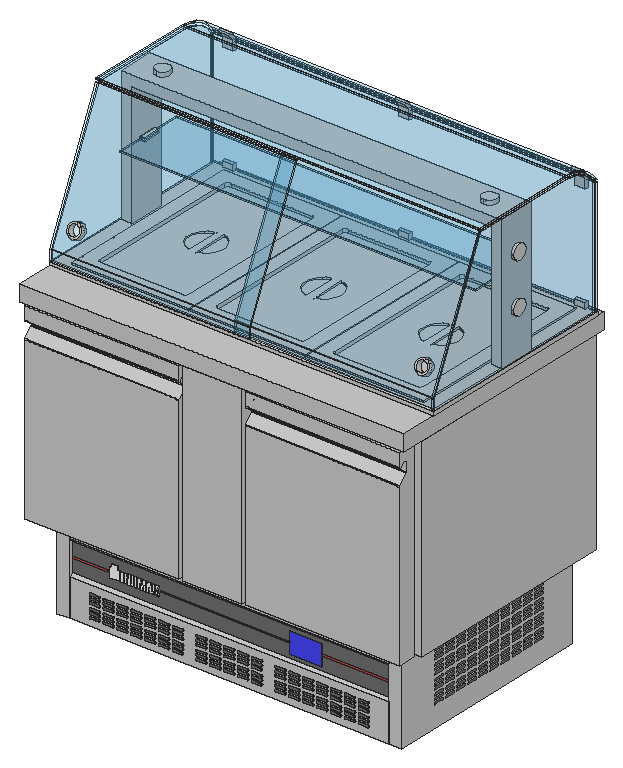
Revit family "QF_INOMAK_BSVP7300_250611022457", category Specialty Equipment, Revit 2021 (continued)
Definition of nested family "QF_INOMAK_REF_BASE_MOTOR_2920"
  Forms (mm)
    Extrusion 19, solid
      sketch origin (39, 1580.136, -390.167) x (0, 1, 0) y (0, 0, 1)
        loop
          line (-1829.436, 581.535) -> (-1805.436, 581.535)
          arc (-1805.436, 581.535) -> (-1802.436, 584.535) -> (-1805.436, 587.535) r 3
          line (-1805.436, 587.535) -> (-1829.436, 587.535)
        loop
          arc (-1790.436, 587.535) -> (-1793.436, 584.535) -> (-1790.436, 581.535) r 3
          line (-1790.436, 581.535) -> (-1766.436, 581.535)
          arc (-1766.436, 581.535) -> (-1763.436, 584.535) -> (-1766.436, 587.535) r 3
          line (-1766.436, 587.535) -> (-1790.436, 587.535)
        loop
          arc (-1751.436, 587.535) -> (-1754.436, 584.535) -> (-1751.436, 581.535) r 3
          line (-1751.436, 581.535) -> (-1727.436, 581.535)
          arc (-1727.436, 581.535) -> (-1724.436, 584.535) -> (-1727.436, 587.535) r 3
          line (-1727.436, 587.535) -> (-1751.436, 587.535)
        loop
          arc (-1985.436, 572.535) -> (-1988.436, 569.535) -> (-1985.436, 566.535) r 3
          line (-1985.436, 566.535) -> (-1961.436, 566.535)
          arc (-1961.436, 566.535) -> (-1958.436, 569.535) -> (-1961.436, 572.535) r 3
          line (-1961.436, 572.535) -> (-1985.436, 572.535)
        loop
          arc (-1946.436, 572.535) -> (-1949.436, 569.535) -> (-1946.436, 566.535) r 3
          line (-1946.436, 566.535) -> (-1922.436, 566.535)
          arc (-1922.436, 566.535) -> (-1919.436, 569.535) -> (-1922.436, 572.535) r 3
          line (-1922.436, 572.535) -> (-1946.436, 572.535)
        loop
          arc (-1907.436, 572.535) -> (-1910.436, 569.535) -> (-1907.436, 566.535) r 3
          line (-1907.436, 566.535) -> (-1883.436, 566.535)
          arc (-1883.436, 566.535) -> (-1880.436, 569.535) -> (-1883.436, 572.535) r 3
          line (-1883.436, 572.535) -> (-1907.436, 572.535)
        loop
          arc (-1868.436, 572.535) -> (-1871.436, 569.535) -> (-1868.436, 566.535) r 3
          line (-1868.436, 566.535) -> (-1844.436, 566.535)
          arc (-1844.436, 566.535) -> (-1841.436, 569.535) -> (-1844.436, 572.535) r 3
          line (-1844.436, 572.535) -> (-1868.436, 572.535)
        loop
          arc (-1829.436, 572.535) -> (-1832.436, 569.535) -> (-1829.436, 566.535) r 3
          line (-1829.436, 566.535) -> (-1805.436, 566.535)
          arc (-1805.436, 566.535) -> (-1802.436, 569.535) -> (-1805.436, 572.535) r 3
          line (-1805.436, 572.535) -> (-1829.436, 572.535)
        loop
          arc (-1790.436, 572.535) -> (-1793.436, 569.535) -> (-1790.436, 566.535) r 3
          line (-1790.436, 566.535) -> (-1766.436, 566.535)
          arc (-1766.436, 566.535) -> (-1763.436, 569.535) -> (-1766.436, 572.535) r 3
          line (-1766.436, 572.535) -> (-1790.436, 572.535)
        loop
          arc (-1751.436, 572.535) -> (-1754.436, 569.535) -> (-1751.436, 566.535) r 3
          line (-1751.436, 566.535) -> (-1727.436, 566.535)
          arc (-1727.436, 566.535) -> (-1724.436, 569.535) -> (-1727.436, 572.535) r 3
          line (-1727.436, 572.535) -> (-1751.436, 572.535)
        loop
          arc (-1985.436, 561.535) -> (-1988.436, 558.535) -> (-1985.436, 555.535) r 3
          line (-1985.436, 555.535) -> (-1961.436, 555.535)
          arc (-1961.436, 555.535) -> (-1958.436, 558.535) -> (-1961.436, 561.535) r 3
          line (-1961.436, 561.535) -> (-1985.436, 561.535)
        loop
          arc (-1946.436, 561.535) -> (-1949.436, 558.535) -> (-1946.436, 555.535) r 3
          line (-1946.436, 555.535) -> (-1922.436, 555.535)
          arc (-1922.436, 555.535) -> (-1919.436, 558.535) -> (-1922.436, 561.535) r 3
          line (-1922.436, 561.535) -> (-1946.436, 561.535)
        loop
          arc (-1907.436, 561.535) -> (-1910.436, 558.535) -> (-1907.436, 555.535) r 3
          line (-1907.436, 555.535) -> (-1883.436, 555.535)
          arc (-1883.436, 555.535) -> (-1880.436, 558.535) -> (-1883.436, 561.535) r 3
          line (-1883.436, 561.535) -> (-1907.436, 561.535)
        loop
          arc (-1868.436, 561.535) -> (-1871.436, 558.535) -> (-1868.436, 555.535) r 3
          line (-1868.436, 555.535) -> (-1844.436, 555.535)
          arc (-1844.436, 555.535) -> (-1841.436, 558.535) -> (-1844.436, 561.535) r 3
          line (-1844.436, 561.535) -> (-1868.436, 561.535)
        loop
          arc (-1829.436, 561.535) -> (-1832.436, 558.535) -> (-1829.436, 555.535) r 3
          line (-1829.436, 555.535) -> (-1805.436, 555.535)
          arc (-1805.436, 555.535) -> (-1802.436, 558.535) -> (-1805.436, 561.535) r 3
          line (-1805.436, 561.535) -> (-1829.436, 561.535)
        loop
          arc (-1790.436, 561.535) -> (-1793.436, 558.535) -> (-1790.436, 555.535) r 3
          line (-1790.436, 555.535) -> (-1766.436, 555.535)
          arc (-1766.436, 555.535) -> (-1763.436, 558.535) -> (-1766.436, 561.535) r 3
          line (-1766.436, 561.535) -> (-1790.436, 561.535)
        loop
          arc (-1751.436, 561.535) -> (-1754.436, 558.535) -> (-1751.436, 555.535) r 3
          line (-1751.436, 555.535) -> (-1727.436, 555.535)
          arc (-1727.436, 555.535) -> (-1724.436, 558.535) -> (-1727.436, 561.535) r 3
          line (-1727.436, 561.535) -> (-1751.436, 561.535)
        loop
          arc (-1985.436, 550.535) -> (-1988.436, 547.535) -> (-1985.436, 544.535) r 3
          line (-1985.436, 544.535) -> (-1961.436, 544.535)
          arc (-1961.436, 544.535) -> (-1958.436, 547.535) -> (-1961.436, 550.535) r 3
          line (-1961.436, 550.535) -> (-1985.436, 550.535)
        loop
          arc (-1946.436, 550.535) -> (-1949.436, 547.535) -> (-1946.436, 544.535) r 3
          line (-1946.436, 544.535) -> (-1922.436, 544.535)
          arc (-1922.436, 544.535) -> (-1919.436, 547.535) -> (-1922.436, 550.535) r 3
          line (-1922.436, 550.535) -> (-1946.436, 550.535)
        loop
          arc (-1907.436, 550.535) -> (-1910.436, 547.535) -> (-1907.436, 544.535) r 3
          line (-1907.436, 544.535) -> (-1883.436, 544.535)
          arc (-1883.436, 544.535) -> (-1880.436, 547.535) -> (-1883.436, 550.535) r 3
          line (-1883.436, 550.535) -> (-1907.436, 550.535)
        loop
          arc (-1868.436, 550.535) -> (-1871.436, 547.535) -> (-1868.436, 544.535) r 3
          line (-1868.436, 544.535) -> (-1844.436, 544.535)
          arc (-1844.436, 544.535) -> (-1841.436, 547.535) -> (-1844.436, 550.535) r 3
          line (-1844.436, 550.535) -> (-1868.436, 550.535)
        loop
          arc (-1829.436, 550.535) -> (-1832.436, 547.535) -> (-1829.436, 544.535) r 3
          line (-1829.436, 544.535) -> (-1805.436, 544.535)
          arc (-1805.436, 544.535) -> (-1802.436, 547.535) -> (-1805.436, 550.535) r 3
          line (-1805.436, 550.535) -> (-1829.436, 550.535)
        loop
          arc (-1790.436, 550.535) -> (-1793.436, 547.535) -> (-1790.436, 544.535) r 3
          line (-1790.436, 544.535) -> (-1766.436, 544.535)
          arc (-1766.436, 544.535) -> (-1763.436, 547.535) -> (-1766.436, 550.535) r 3
          line (-1766.436, 550.535) -> (-1790.436, 550.535)
        loop
          arc (-1751.436, 550.535) -> (-1754.436, 547.535) -> (-1751.436, 544.535) r 3
          line (-1751.436, 544.535) -> (-1727.436, 544.535)
          arc (-1727.436, 544.535) -> (-1724.436, 547.535) -> (-1727.436, 550.535) r 3
          line (-1727.436, 550.535) -> (-1751.436, 550.535)
        loop
          arc (-2102.436, 609.535) -> (-2105.436, 606.535) -> (-2102.436, 603.535) r 3
          line (-2102.436, 603.535) -> (-2078.436, 603.535)
          arc (-2078.436, 603.535) -> (-2075.436, 606.535) -> (-2078.436, 609.535) r 3
          line (-2078.436, 609.535) -> (-2102.436, 609.535)
        loop
          arc (-2063.436, 609.535) -> (-2066.436, 606.535) -> (-2063.436, 603.535) r 3
          line (-2063.436, 603.535) -> (-2039.436, 603.535)
          arc (-2039.436, 603.535) -> (-2036.436, 606.535) -> (-2039.436, 609.535) r 3
          line (-2039.436, 609.535) -> (-2063.436, 609.535)
        loop
          arc (-2024.436, 609.535) -> (-2027.436, 606.535) -> (-2024.436, 603.535) r 3
          line (-2024.436, 603.535) -> (-2000.436, 603.535)
          arc (-2000.436, 603.535) -> (-1997.436, 606.535) -> (-2000.436, 609.535) r 3
          line (-2000.436, 609.535) -> (-2024.436, 609.535)
        loop
          arc (-2102.436, 598.535) -> (-2105.436, 595.535) -> (-2102.436, 592.535) r 3
          line (-2102.436, 592.535) -> (-2078.436, 592.535)
          arc (-2078.436, 592.535) -> (-2075.436, 595.535) -> (-2078.436, 598.535) r 3
          line (-2078.436, 598.535) -> (-2102.436, 598.535)
        loop
          arc (-2063.436, 598.535) -> (-2066.436, 595.535) -> (-2063.436, 592.535) r 3
          line (-2063.436, 592.535) -> (-2039.436, 592.535)
          arc (-2039.436, 592.535) -> (-2036.436, 595.535) -> (-2039.436, 598.535) r 3
          line (-2039.436, 598.535) -> (-2063.436, 598.535)
        loop
          arc (-2024.436, 598.535) -> (-2027.436, 595.535) -> (-2024.436, 592.535) r 3
          line (-2024.436, 592.535) -> (-2000.436, 592.535)
          arc (-2000.436, 592.535) -> (-1997.436, 595.535) -> (-2000.436, 598.535) r 3
          line (-2000.436, 598.535) -> (-2024.436, 598.535)
        loop
          arc (-2102.436, 587.535) -> (-2105.436, 584.535) -> (-2102.436, 581.535) r 3
          line (-2102.436, 581.535) -> (-2078.436, 581.535)
          arc (-2078.436, 581.535) -> (-2075.436, 584.535) -> (-2078.436, 587.535) r 3
          line (-2078.436, 587.535) -> (-2102.436, 587.535)
        loop
          arc (-2063.436, 587.535) -> (-2066.436, 584.535) -> (-2063.436, 581.535) r 3
          line (-2063.436, 581.535) -> (-2039.436, 581.535)
          arc (-2039.436, 581.535) -> (-2036.436, 584.535) -> (-2039.436, 587.535) r 3
          line (-2039.436, 587.535) -> (-2063.436, 587.535)
        loop
          arc (-2024.436, 587.535) -> (-2027.436, 584.535) -> (-2024.436, 581.535) r 3
          line (-2024.436, 581.535) -> (-2000.436, 581.535)
          arc (-2000.436, 581.535) -> (-1997.436, 584.535) -> (-2000.436, 587.535) r 3
          line (-2000.436, 587.535) -> (-2024.436, 587.535)
        loop
          arc (-2102.436, 572.535) -> (-2105.436, 569.535) -> (-2102.436, 566.535) r 3
          line (-2102.436, 566.535) -> (-2078.436, 566.535)
          arc (-2078.436, 566.535) -> (-2075.436, 569.535) -> (-2078.436, 572.535) r 3
          line (-2078.436, 572.535) -> (-2102.436, 572.535)
        loop
          arc (-2063.436, 572.535) -> (-2066.436, 569.535) -> (-2063.436, 566.535) r 3
          line (-2063.436, 566.535) -> (-2039.436, 566.535)
          arc (-2039.436, 566.535) -> (-2036.436, 569.535) -> (-2039.436, 572.535) r 3
          line (-2039.436, 572.535) -> (-2063.436, 572.535)
        loop
          arc (-2024.436, 572.535) -> (-2027.436, 569.535) -> (-2024.436, 566.535) r 3
          line (-2024.436, 566.535) -> (-2000.436, 566.535)
          arc (-2000.436, 566.535) -> (-1997.436, 569.535) -> (-2000.436, 572.535) r 3
          line (-2000.436, 572.535) -> (-2024.436, 572.535)
        loop
          arc (-2102.436, 561.535) -> (-2105.436, 558.535) -> (-2102.436, 555.535) r 3
          line (-2102.436, 555.535) -> (-2078.436, 555.535)
          arc (-2078.436, 555.535) -> (-2075.436, 558.535) -> (-2078.436, 561.535) r 3
          line (-2078.436, 561.535) -> (-2102.436, 561.535)
        loop
          arc (-2063.436, 561.535) -> (-2066.436, 558.535) -> (-2063.436, 555.535) r 3
          line (-2063.436, 555.535) -> (-2039.436, 555.535)
          arc (-2039.436, 555.535) -> (-2036.436, 558.535) -> (-2039.436, 561.535) r 3
          line (-2039.436, 561.535) -> (-2063.436, 561.535)
        loop
          arc (-2024.436, 561.535) -> (-2027.436, 558.535) -> (-2024.436, 555.535) r 3
          line (-2024.436, 555.535) -> (-2000.436, 555.535)
          arc (-2000.436, 555.535) -> (-1997.436, 558.535) -> (-2000.436, 561.535) r 3
          line (-2000.436, 561.535) -> (-2024.436, 561.535)
        loop
          arc (-2102.436, 550.535) -> (-2105.436, 547.535) -> (-2102.436, 544.535) r 3
          line (-2102.436, 544.535) -> (-2078.436, 544.535)
          arc (-2078.436, 544.535) -> (-2075.436, 547.535) -> (-2078.436, 550.535) r 3
          line (-2078.436, 550.535) -> (-2102.436, 550.535)
        loop
          arc (-2063.436, 550.535) -> (-2066.436, 547.535) -> (-2063.436, 544.535) r 3
          line (-2063.436, 544.535) -> (-2039.436, 544.535)
          arc (-2039.436, 544.535) -> (-2036.436, 547.535) -> (-2039.436, 550.535) r 3
          line (-2039.436, 550.535) -> (-2063.436, 550.535)
        loop
          arc (-2024.436, 550.535) -> (-2027.436, 547.535) -> (-2024.436, 544.535) r 3
          line (-2024.436, 544.535) -> (-2000.436, 544.535)
          arc (-2000.436, 544.535) -> (-1997.436, 547.535) -> (-2000.436, 550.535) r 3
          line (-2000.436, 550.535) -> (-2024.436, 550.535)
        loop
          arc (-1985.436, 534.535) -> (-1988.436, 531.535) -> (-1985.436, 528.535) r 3
          line (-1985.436, 528.535) -> (-1961.436, 528.535)
          arc (-1961.436, 528.535) -> (-1958.436, 531.535) -> (-1961.436, 534.535) r 3
          line (-1961.436, 534.535) -> (-1985.436, 534.535)
        loop
          arc (-1946.436, 534.535) -> (-1949.436, 531.535) -> (-1946.436, 528.535) r 3
          line (-1946.436, 528.535) -> (-1922.436, 528.535)
          arc (-1922.436, 528.535) -> (-1919.436, 531.535) -> (-1922.436, 534.535) r 3
          line (-1922.436, 534.535) -> (-1946.436, 534.535)
        loop
          arc (-1907.436, 534.535) -> (-1910.436, 531.535) -> (-1907.436, 528.535) r 3
          line (-1907.436, 528.535) -> (-1883.436, 528.535)
          arc (-1883.436, 528.535) -> (-1880.436, 531.535) -> (-1883.436, 534.535) r 3
          line (-1883.436, 534.535) -> (-1907.436, 534.535)
        loop
          arc (-1868.436, 534.535) -> (-1871.436, 531.535) -> (-1868.436, 528.535) r 3
          line (-1868.436, 528.535) -> (-1844.436, 528.535)
          arc (-1844.436, 528.535) -> (-1841.436, 531.535) -> (-1844.436, 534.535) r 3
          line (-1844.436, 534.535) -> (-1868.436, 534.535)
        loop
          arc (-1829.436, 534.535) -> (-1832.436, 531.535) -> (-1829.436, 528.535) r 3
          line (-1829.436, 528.535) -> (-1805.436, 528.535)
          arc (-1805.436, 528.535) -> (-1802.436, 531.535) -> (-1805.436, 534.535) r 3
          line (-1805.436, 534.535) -> (-1829.436, 534.535)
        loop
          arc (-1790.436, 534.535) -> (-1793.436, 531.535) -> (-1790.436, 528.535) r 3
          line (-1790.436, 528.535) -> (-1766.436, 528.535)
          arc (-1766.436, 528.535) -> (-1763.436, 531.535) -> (-1766.436, 534.535) r 3
          line (-1766.436, 534.535) -> (-1790.436, 534.535)
        loop
          arc (-1751.436, 534.535) -> (-1754.436, 531.535) -> (-1751.436, 528.535) r 3
          line (-1751.436, 528.535) -> (-1727.436, 528.535)
          arc (-1727.436, 528.535) -> (-1724.436, 531.535) -> (-1727.436, 534.535) r 3
          line (-1727.436, 534.535) -> (-1751.436, 534.535)
        loop
          arc (-1985.436, 523.535) -> (-1988.436, 520.535) -> (-1985.436, 517.535) r 3
          line (-1985.436, 517.535) -> (-1961.436, 517.535)
          arc (-1961.436, 517.535) -> (-1958.436, 520.535) -> (-1961.436, 523.535) r 3
          line (-1961.436, 523.535) -> (-1985.436, 523.535)
        loop
          arc (-1946.436, 523.535) -> (-1949.436, 520.535) -> (-1946.436, 517.535) r 3
          line (-1946.436, 517.535) -> (-1922.436, 517.535)
          arc (-1922.436, 517.535) -> (-1919.436, 520.535) -> (-1922.436, 523.535) r 3
          line (-1922.436, 523.535) -> (-1946.436, 523.535)
        loop
          arc (-1907.436, 523.535) -> (-1910.436, 520.535) -> (-1907.436, 517.535) r 3
          line (-1907.436, 517.535) -> (-1883.436, 517.535)
          arc (-1883.436, 517.535) -> (-1880.436, 520.535) -> (-1883.436, 523.535) r 3
          line (-1883.436, 523.535) -> (-1907.436, 523.535)
        loop
          arc (-1868.436, 523.535) -> (-1871.436, 520.535) -> (-1868.436, 517.535) r 3
          line (-1868.436, 517.535) -> (-1844.436, 517.535)
          arc (-1844.436, 517.535) -> (-1841.436, 520.535) -> (-1844.436, 523.535) r 3
          line (-1844.436, 523.535) -> (-1868.436, 523.535)
        loop
          arc (-1829.436, 523.535) -> (-1832.436, 520.535) -> (-1829.436, 517.535) r 3
          line (-1829.436, 517.535) -> (-1805.436, 517.535)
          arc (-1805.436, 517.535) -> (-1802.436, 520.535) -> (-1805.436, 523.535) r 3
          line (-1805.436, 523.535) -> (-1829.436, 523.535)
        loop
          arc (-1790.436, 523.535) -> (-1793.436, 520.535) -> (-1790.436, 517.535) r 3
          line (-1790.436, 517.535) -> (-1766.436, 517.535)
          arc (-1766.436, 517.535) -> (-1763.436, 520.535) -> (-1766.436, 523.535) r 3
          line (-1766.436, 523.535) -> (-1790.436, 523.535)
        loop
          arc (-1751.436, 523.535) -> (-1754.436, 520.535) -> (-1751.436, 517.535) r 3
          line (-1751.436, 517.535) -> (-1727.436, 517.535)
          arc (-1727.436, 517.535) -> (-1724.436, 520.535) -> (-1727.436, 523.535) r 3
          line (-1727.436, 523.535) -> (-1751.436, 523.535)
        loop
          arc (-1985.436, 512.535) -> (-1988.436, 509.535) -> (-1985.436, 506.535) r 3
          line (-1985.436, 506.535) -> (-1961.436, 506.535)
          arc (-1961.436, 506.535) -> (-1958.436, 509.535) -> (-1961.436, 512.535) r 3
          line (-1961.436, 512.535) -> (-1985.436, 512.535)
        loop
          arc (-1946.436, 512.535) -> (-1949.436, 509.535) -> (-1946.436, 506.535) r 3
          line (-1946.436, 506.535) -> (-1922.436, 506.535)
          arc (-1922.436, 506.535) -> (-1919.436, 509.535) -> (-1922.436, 512.535) r 3
          line (-1922.436, 512.535) -> (-1946.436, 512.535)
        loop
          arc (-1907.436, 512.535) -> (-1910.436, 509.535) -> (-1907.436, 506.535) r 3
          line (-1907.436, 506.535) -> (-1883.436, 506.535)
          arc (-1883.436, 506.535) -> (-1880.436, 509.535) -> (-1883.436, 512.535) r 3
          line (-1883.436, 512.535) -> (-1907.436, 512.535)
        loop
          arc (-1868.436, 512.535) -> (-1871.436, 509.535) -> (-1868.436, 506.535) r 3
          line (-1868.436, 506.535) -> (-1844.436, 506.535)
          arc (-1844.436, 506.535) -> (-1841.436, 509.535) -> (-1844.436, 512.535) r 3
          line (-1844.436, 512.535) -> (-1868.436, 512.535)
        loop
          arc (-1829.436, 512.535) -> (-1832.436, 509.535) -> (-1829.436, 506.535) r 3
          line (-1829.436, 506.535) -> (-1805.436, 506.535)
          arc (-1805.436, 506.535) -> (-1802.436, 509.535) -> (-1805.436, 512.535) r 3
          line (-1805.436, 512.535) -> (-1829.436, 512.535)
        loop
          arc (-1790.436, 512.535) -> (-1793.436, 509.535) -> (-1790.436, 506.535) r 3
          line (-1790.436, 506.535) -> (-1766.436, 506.535)
          arc (-1766.436, 506.535) -> (-1763.436, 509.535) -> (-1766.436, 512.535) r 3
          line (-1766.436, 512.535) -> (-1790.436, 512.535)
        loop
          arc (-1751.436, 512.535) -> (-1754.436, 509.535) -> (-1751.436, 506.535) r 3
          line (-1751.436, 506.535) -> (-1727.436, 506.535)
          arc (-1727.436, 506.535) -> (-1724.436, 509.535) -> (-1727.436, 512.535) r 3
          line (-1727.436, 512.535) -> (-1751.436, 512.535)
        loop
          arc (-1985.436, 497.535) -> (-1988.436, 494.535) -> (-1985.436, 491.535) r 3
          line (-1985.436, 491.535) -> (-1961.436, 491.535)
          arc (-1961.436, 491.535) -> (-1958.436, 494.535) -> (-1961.436, 497.535) r 3
          line (-1961.436, 497.535) -> (-1985.436, 497.535)
        loop
          arc (-1946.436, 497.535) -> (-1949.436, 494.535) -> (-1946.436, 491.535) r 3
          line (-1946.436, 491.535) -> (-1922.436, 491.535)
          arc (-1922.436, 491.535) -> (-1919.436, 494.535) -> (-1922.436, 497.535) r 3
          line (-1922.436, 497.535) -> (-1946.436, 497.535)
        loop
          arc (-1907.436, 497.535) -> (-1910.436, 494.535) -> (-1907.436, 491.535) r 3
          line (-1907.436, 491.535) -> (-1883.436, 491.535)
          arc (-1883.436, 491.535) -> (-1880.436, 494.535) -> (-1883.436, 497.535) r 3
          line (-1883.436, 497.535) -> (-1907.436, 497.535)
        loop
          arc (-1868.436, 497.535) -> (-1871.436, 494.535) -> (-1868.436, 491.535) r 3
          line (-1868.436, 491.535) -> (-1844.436, 491.535)
          arc (-1844.436, 491.535) -> (-1841.436, 494.535) -> (-1844.436, 497.535) r 3
          line (-1844.436, 497.535) -> (-1868.436, 497.535)
        loop
          arc (-1829.436, 497.535) -> (-1832.436, 494.535) -> (-1829.436, 491.535) r 3
          line (-1829.436, 491.535) -> (-1805.436, 491.535)
          arc (-1805.436, 491.535) -> (-1802.436, 494.535) -> (-1805.436, 497.535) r 3
          line (-1805.436, 497.535) -> (-1829.436, 497.535)
        loop
          arc (-1790.436, 497.535) -> (-1793.436, 494.535) -> (-1790.436, 491.535) r 3
          line (-1790.436, 491.535) -> (-1766.436, 491.535)
          arc (-1766.436, 491.535) -> (-1763.436, 494.535) -> (-1766.436, 497.535) r 3
          line (-1766.436, 497.535) -> (-1790.436, 497.535)
        loop
          arc (-1751.436, 497.535) -> (-1754.436, 494.535) -> (-1751.436, 491.535) r 3
          line (-1751.436, 491.535) -> (-1727.436, 491.535)
          arc (-1727.436, 491.535) -> (-1724.436, 494.535) -> (-1727.436, 497.535) r 3
          line (-1727.436, 497.535) -> (-1751.436, 497.535)
        loop
          arc (-1985.436, 486.535) -> (-1988.436, 483.535) -> (-1985.436, 480.535) r 3
          line (-1985.436, 480.535) -> (-1961.436, 480.535)
          arc (-1961.436, 480.535) -> (-1958.436, 483.535) -> (-1961.436, 486.535) r 3
          line (-1961.436, 486.535) -> (-1985.436, 486.535)
        loop
          arc (-1946.436, 486.535) -> (-1949.436, 483.535) -> (-1946.436, 480.535) r 3
          line (-1946.436, 480.535) -> (-1922.436, 480.535)
          arc (-1922.436, 480.535) -> (-1919.436, 483.535) -> (-1922.436, 486.535) r 3
          line (-1922.436, 486.535) -> (-1946.436, 486.535)
        loop
          arc (-1907.436, 486.535) -> (-1910.436, 483.535) -> (-1907.436, 480.535) r 3
          line (-1907.436, 480.535) -> (-1883.436, 480.535)
          arc (-1883.436, 480.535) -> (-1880.436, 483.535) -> (-1883.436, 486.535) r 3
          line (-1883.436, 486.535) -> (-1907.436, 486.535)
        loop
          arc (-1868.436, 486.535) -> (-1871.436, 483.535) -> (-1868.436, 480.535) r 3
          line (-1868.436, 480.535) -> (-1844.436, 480.535)
          arc (-1844.436, 480.535) -> (-1841.436, 483.535) -> (-1844.436, 486.535) r 3
          line (-1844.436, 486.535) -> (-1868.436, 486.535)
        loop
          arc (-1829.436, 486.535) -> (-1832.436, 483.535) -> (-1829.436, 480.535) r 3
          line (-1829.436, 480.535) -> (-1805.436, 480.535)
          arc (-1805.436, 480.535) -> (-1802.436, 483.535) -> (-1805.436, 486.535) r 3
          line (-1805.436, 486.535) -> (-1829.436, 486.535)
        loop
          arc (-1790.436, 486.535) -> (-1793.436, 483.535) -> (-1790.436, 480.535) r 3
          line (-1790.436, 480.535) -> (-1766.436, 480.535)
          arc (-1766.436, 480.535) -> (-1763.436, 483.535) -> (-1766.436, 486.535) r 3
          line (-1766.436, 486.535) -> (-1790.436, 486.535)
        loop
          arc (-1751.436, 486.535) -> (-1754.436, 483.535) -> (-1751.436, 480.535) r 3
          line (-1751.436, 480.535) -> (-1727.436, 480.535)
          arc (-1727.436, 480.535) -> (-1724.436, 483.535) -> (-1727.436, 486.535) r 3
          line (-1727.436, 486.535) -> (-1751.436, 486.535)
        loop
          arc (-1985.436, 475.535) -> (-1988.436, 472.535) -> (-1985.436, 469.535) r 3
          line (-1985.436, 469.535) -> (-1961.436, 469.535)
          arc (-1961.436, 469.535) -> (-1958.436, 472.535) -> (-1961.436, 475.535) r 3
          line (-1961.436, 475.535) -> (-1985.436, 475.535)
        loop
          arc (-1946.436, 475.535) -> (-1949.436, 472.535) -> (-1946.436, 469.535) r 3
          line (-1946.436, 469.535) -> (-1922.436, 469.535)
          arc (-1922.436, 469.535) -> (-1919.436, 472.535) -> (-1922.436, 475.535) r 3
          line (-1922.436, 475.535) -> (-1946.436, 475.535)
        loop
          arc (-1907.436, 475.535) -> (-1910.436, 472.535) -> (-1907.436, 469.535) r 3
          line (-1907.436, 469.535) -> (-1883.436, 469.535)
          arc (-1883.436, 469.535) -> (-1880.436, 472.535) -> (-1883.436, 475.535) r 3
          line (-1883.436, 475.535) -> (-1907.436, 475.535)
        loop
          arc (-1868.436, 475.535) -> (-1871.436, 472.535) -> (-1868.436, 469.535) r 3
          line (-1868.436, 469.535) -> (-1844.436, 469.535)
          arc (-1844.436, 469.535) -> (-1841.436, 472.535) -> (-1844.436, 475.535) r 3
          line (-1844.436, 475.535) -> (-1868.436, 475.535)
        loop
          arc (-1829.436, 475.535) -> (-1832.436, 472.535) -> (-1829.436, 469.535) r 3
          line (-1829.436, 469.535) -> (-1805.436, 469.535)
          arc (-1805.436, 469.535) -> (-1802.436, 472.535) -> (-1805.436, 475.535) r 3
          line (-1805.436, 475.535) -> (-1829.436, 475.535)
        loop
          arc (-1790.436, 475.535) -> (-1793.436, 472.535) -> (-1790.436, 469.535) r 3
          line (-1790.436, 469.535) -> (-1766.436, 469.535)
          arc (-1766.436, 469.535) -> (-1763.436, 472.535) -> (-1766.436, 475.535) r 3
          line (-1766.436, 475.535) -> (-1790.436, 475.535)
        loop
          arc (-1751.436, 475.535) -> (-1754.436, 472.535) -> (-1751.436, 469.535) r 3
          line (-1751.436, 469.535) -> (-1727.436, 469.535)
          arc (-1727.436, 469.535) -> (-1724.436, 472.535) -> (-1727.436, 475.535) r 3
          line (-1727.436, 475.535) -> (-1751.436, 475.535)
        loop
          arc (-2102.436, 534.535) -> (-2105.436, 531.535) -> (-2102.436, 528.535) r 3
          line (-2102.436, 528.535) -> (-2078.436, 528.535)
          arc (-2078.436, 528.535) -> (-2075.436, 531.535) -> (-2078.436, 534.535) r 3
          line (-2078.436, 534.535) -> (-2102.436, 534.535)
        loop
          arc (-2063.436, 534.535) -> (-2066.436, 531.535) -> (-2063.436, 528.535) r 3
          line (-2063.436, 528.535) -> (-2039.436, 528.535)
          arc (-2039.436, 528.535) -> (-2036.436, 531.535) -> (-2039.436, 534.535) r 3
          line (-2039.436, 534.535) -> (-2063.436, 534.535)
        loop
          arc (-2024.436, 534.535) -> (-2027.436, 531.535) -> (-2024.436, 528.535) r 3
          line (-2024.436, 528.535) -> (-2000.436, 528.535)
          arc (-2000.436, 528.535) -> (-1997.436, 531.535) -> (-2000.436, 534.535) r 3
          line (-2000.436, 534.535) -> (-2024.436, 534.535)
        loop
          arc (-2102.436, 523.535) -> (-2105.436, 520.535) -> (-2102.436, 517.535) r 3
          line (-2102.436, 517.535) -> (-2078.436, 517.535)
          arc (-2078.436, 517.535) -> (-2075.436, 520.535) -> (-2078.436, 523.535) r 3
          line (-2078.436, 523.535) -> (-2102.436, 523.535)
        loop
          arc (-2063.436, 523.535) -> (-2066.436, 520.535) -> (-2063.436, 517.535) r 3
          line (-2063.436, 517.535) -> (-2039.436, 517.535)
          arc (-2039.436, 517.535) -> (-2036.436, 520.535) -> (-2039.436, 523.535) r 3
          line (-2039.436, 523.535) -> (-2063.436, 523.535)
        loop
          arc (-2024.436, 523.535) -> (-2027.436, 520.535) -> (-2024.436, 517.535) r 3
          line (-2024.436, 517.535) -> (-2000.436, 517.535)
          arc (-2000.436, 517.535) -> (-1997.436, 520.535) -> (-2000.436, 523.535) r 3
          line (-2000.436, 523.535) -> (-2024.436, 523.535)
        loop
          arc (-2102.436, 512.535) -> (-2105.436, 509.535) -> (-2102.436, 506.535) r 3
          line (-2102.436, 506.535) -> (-2078.436, 506.535)
          arc (-2078.436, 506.535) -> (-2075.436, 509.535) -> (-2078.436, 512.535) r 3
          line (-2078.436, 512.535) -> (-2102.436, 512.535)
        loop
          arc (-2063.436, 512.535) -> (-2066.436, 509.535) -> (-2063.436, 506.535) r 3
          line (-2063.436, 506.535) -> (-2039.436, 506.535)
          arc (-2039.436, 506.535) -> (-2036.436, 509.535) -> (-2039.436, 512.535) r 3
          line (-2039.436, 512.535) -> (-2063.436, 512.535)
        loop
          arc (-2024.436, 512.535) -> (-2027.436, 509.535) -> (-2024.436, 506.535) r 3
          line (-2024.436, 506.535) -> (-2000.436, 506.535)
          arc (-2000.436, 506.535) -> (-1997.436, 509.535) -> (-2000.436, 512.535) r 3
          line (-2000.436, 512.535) -> (-2024.436, 512.535)
        loop
          arc (-2102.436, 497.535) -> (-2105.436, 494.535) -> (-2102.436, 491.535) r 3
          line (-2102.436, 491.535) -> (-2078.436, 491.535)
          arc (-2078.436, 491.535) -> (-2075.436, 494.535) -> (-2078.436, 497.535) r 3
          line (-2078.436, 497.535) -> (-2102.436, 497.535)
        loop
          arc (-2063.436, 497.535) -> (-2066.436, 494.535) -> (-2063.436, 491.535) r 3
          line (-2063.436, 491.535) -> (-2039.436, 491.535)
          arc (-2039.436, 491.535) -> (-2036.436, 494.535) -> (-2039.436, 497.535) r 3
          line (-2039.436, 497.535) -> (-2063.436, 497.535)
        loop
          arc (-2024.436, 497.535) -> (-2027.436, 494.535) -> (-2024.436, 491.535) r 3
          line (-2024.436, 491.535) -> (-2000.436, 491.535)
          arc (-2000.436, 491.535) -> (-1997.436, 494.535) -> (-2000.436, 497.535) r 3
          line (-2000.436, 497.535) -> (-2024.436, 497.535)
        loop
          arc (-2102.436, 486.535) -> (-2105.436, 483.535) -> (-2102.436, 480.535) r 3
          line (-2102.436, 480.535) -> (-2078.436, 480.535)
          arc (-2078.436, 480.535) -> (-2075.436, 483.535) -> (-2078.436, 486.535) r 3
          line (-2078.436, 486.535) -> (-2102.436, 486.535)
        loop
          arc (-2063.436, 486.535) -> (-2066.436, 483.535) -> (-2063.436, 480.535) r 3
          line (-2063.436, 480.535) -> (-2039.436, 480.535)
          arc (-2039.436, 480.535) -> (-2036.436, 483.535) -> (-2039.436, 486.535) r 3
          line (-2039.436, 486.535) -> (-2063.436, 486.535)
        loop
          arc (-2024.436, 486.535) -> (-2027.436, 483.535) -> (-2024.436, 480.535) r 3
          line (-2024.436, 480.535) -> (-2000.436, 480.535)
          arc (-2000.436, 480.535) -> (-1997.436, 483.535) -> (-2000.436, 486.535) r 3
          line (-2000.436, 486.535) -> (-2024.436, 486.535)
        loop
          arc (-2102.436, 475.535) -> (-2105.436, 472.535) -> (-2102.436, 469.535) r 3
          line (-2102.436, 469.535) -> (-2078.436, 469.535)
          arc (-2078.436, 469.535) -> (-2075.436, 472.535) -> (-2078.436, 475.535) r 3
          line (-2078.436, 475.535) -> (-2102.436, 475.535)
        loop
          arc (-2063.436, 475.535) -> (-2066.436, 472.535) -> (-2063.436, 469.535) r 3
          line (-2063.436, 469.535) -> (-2039.436, 469.535)
          arc (-2039.436, 469.535) -> (-2036.436, 472.535) -> (-2039.436, 475.535) r 3
          line (-2039.436, 475.535) -> (-2063.436, 475.535)
        loop
          arc (-2024.436, 475.535) -> (-2027.436, 472.535) -> (-2024.436, 469.535) r 3
          line (-2024.436, 469.535) -> (-2000.436, 469.535)
          arc (-2000.436, 469.535) -> (-1997.436, 472.535) -> (-2000.436, 475.535) r 3
          line (-2000.436, 475.535) -> (-2024.436, 475.535)
      from 16.5 to 19
    Extrusion 20, solid
      sketch origin (1041, 1580.136, -390.167) x (0, 1, 0) y (0, 0, -1)
        loop
          line (-1985.436, -609.535) -> (-1961.436, -609.535)
          arc (-1961.436, -609.535) -> (-1958.436, -606.535) -> (-1961.436, -603.535) r 3
          line (-1961.436, -603.535) -> (-1985.436, -603.535)
          arc (-1985.436, -603.535) -> (-1988.436, -606.535) -> (-1985.436, -609.535) r 3
        loop
          line (-1946.436, -609.535) -> (-1922.436, -609.535)
          arc (-1922.436, -609.535) -> (-1919.436, -606.535) -> (-1922.436, -603.535) r 3
          line (-1922.436, -603.535) -> (-1946.436, -603.535)
          arc (-1946.436, -603.535) -> (-1949.436, -606.535) -> (-1946.436, -609.535) r 3
        loop
          line (-1907.436, -609.535) -> (-1883.436, -609.535)
          arc (-1883.436, -609.535) -> (-1880.436, -606.535) -> (-1883.436, -603.535) r 3
          line (-1883.436, -603.535) -> (-1907.436, -603.535)
          arc (-1907.436, -603.535) -> (-1910.436, -606.535) -> (-1907.436, -609.535) r 3
        loop
          line (-1868.436, -609.535) -> (-1844.436, -609.535)
          arc (-1844.436, -609.535) -> (-1841.436, -606.535) -> (-1844.436, -603.535) r 3
          line (-1844.436, -603.535) -> (-1868.436, -603.535)
          arc (-1868.436, -603.535) -> (-1871.436, -606.535) -> (-1868.436, -609.535) r 3
        loop
          line (-1829.436, -609.535) -> (-1805.436, -609.535)
          arc (-1805.436, -609.535) -> (-1802.436, -606.535) -> (-1805.436, -603.535) r 3
          line (-1805.436, -603.535) -> (-1829.436, -603.535)
          arc (-1829.436, -603.535) -> (-1832.436, -606.535) -> (-1829.436, -609.535) r 3
        loop
          line (-1790.436, -609.535) -> (-1766.436, -609.535)
          arc (-1766.436, -609.535) -> (-1763.436, -606.535) -> (-1766.436, -603.535) r 3
          line (-1766.436, -603.535) -> (-1790.436, -603.535)
          arc (-1790.436, -603.535) -> (-1793.436, -606.535) -> (-1790.436, -609.535) r 3
        loop
          line (-1751.436, -609.535) -> (-1727.436, -609.535)
          arc (-1727.436, -609.535) -> (-1724.436, -606.535) -> (-1727.436, -603.535) r 3
          line (-1727.436, -603.535) -> (-1751.436, -603.535)
          arc (-1751.436, -603.535) -> (-1754.436, -606.535) -> (-1751.436, -609.535) r 3
        loop
          line (-1985.436, -598.535) -> (-1961.436, -598.535)
          arc (-1961.436, -598.535) -> (-1958.436, -595.535) -> (-1961.436, -592.535) r 3
          line (-1961.436, -592.535) -> (-1985.436, -592.535)
          arc (-1985.436, -592.535) -> (-1988.436, -595.535) -> (-1985.436, -598.535) r 3
        loop
          line (-1946.436, -598.535) -> (-1922.436, -598.535)
          arc (-1922.436, -598.535) -> (-1919.436, -595.535) -> (-1922.436, -592.535) r 3
          line (-1922.436, -592.535) -> (-1946.436, -592.535)
          arc (-1946.436, -592.535) -> (-1949.436, -595.535) -> (-1946.436, -598.535) r 3
        loop
          line (-1907.436, -598.535) -> (-1883.436, -598.535)
          arc (-1883.436, -598.535) -> (-1880.436, -595.535) -> (-1883.436, -592.535) r 3
          line (-1883.436, -592.535) -> (-1907.436, -592.535)
          arc (-1907.436, -592.535) -> (-1910.436, -595.535) -> (-1907.436, -598.535) r 3
        loop
          line (-1868.436, -598.535) -> (-1844.436, -598.535)
          arc (-1844.436, -598.535) -> (-1841.436, -595.535) -> (-1844.436, -592.535) r 3
          line (-1844.436, -592.535) -> (-1868.436, -592.535)
          arc (-1868.436, -592.535) -> (-1871.436, -595.535) -> (-1868.436, -598.535) r 3
        loop
          line (-1829.436, -598.535) -> (-1805.436, -598.535)
          arc (-1805.436, -598.535) -> (-1802.436, -595.535) -> (-1805.436, -592.535) r 3
          line (-1805.436, -592.535) -> (-1829.436, -592.535)
          arc (-1829.436, -592.535) -> (-1832.436, -595.535) -> (-1829.436, -598.535) r 3
        loop
          line (-1790.436, -598.535) -> (-1766.436, -598.535)
          arc (-1766.436, -598.535) -> (-1763.436, -595.535) -> (-1766.436, -592.535) r 3
          line (-1766.436, -592.535) -> (-1790.436, -592.535)
          arc (-1790.436, -592.535) -> (-1793.436, -595.535) -> (-1790.436, -598.535) r 3
        loop
          line (-1751.436, -598.535) -> (-1727.436, -598.535)
          arc (-1727.436, -598.535) -> (-1724.436, -595.535) -> (-1727.436, -592.535) r 3
          line (-1727.436, -592.535) -> (-1751.436, -592.535)
          arc (-1751.436, -592.535) -> (-1754.436, -595.535) -> (-1751.436, -598.535) r 3
        loop
          line (-1985.436, -587.535) -> (-1961.436, -587.535)
          arc (-1961.436, -587.535) -> (-1958.436, -584.535) -> (-1961.436, -581.535) r 3
          line (-1961.436, -581.535) -> (-1985.436, -581.535)
          arc (-1985.436, -581.535) -> (-1988.436, -584.535) -> (-1985.436, -587.535) r 3
        loop
          line (-1946.436, -587.535) -> (-1922.436, -587.535)
          arc (-1922.436, -587.535) -> (-1919.436, -584.535) -> (-1922.436, -581.535) r 3
          line (-1922.436, -581.535) -> (-1946.436, -581.535)
          arc (-1946.436, -581.535) -> (-1949.436, -584.535) -> (-1946.436, -587.535) r 3
        loop
          line (-1907.436, -587.535) -> (-1883.436, -587.535)
          arc (-1883.436, -587.535) -> (-1880.436, -584.535) -> (-1883.436, -581.535) r 3
          line (-1883.436, -581.535) -> (-1907.436, -581.535)
          arc (-1907.436, -581.535) -> (-1910.436, -584.535) -> (-1907.436, -587.535) r 3
        loop
          line (-1868.436, -587.535) -> (-1844.436, -587.535)
          arc (-1844.436, -587.535) -> (-1841.436, -584.535) -> (-1844.436, -581.535) r 3
          line (-1844.436, -581.535) -> (-1868.436, -581.535)
          arc (-1868.436, -581.535) -> (-1871.436, -584.535) -> (-1868.436, -587.535) r 3
        loop
          line (-1829.436, -587.535) -> (-1805.436, -587.535)
          arc (-1805.436, -587.535) -> (-1802.436, -584.535) -> (-1805.436, -581.535) r 3
          line (-1805.436, -581.535) -> (-1829.436, -581.535)
          arc (-1829.436, -581.535) -> (-1832.436, -584.535) -> (-1829.436, -587.535) r 3
        loop
          line (-1790.436, -587.535) -> (-1766.436, -587.535)
          arc (-1766.436, -587.535) -> (-1763.436, -584.535) -> (-1766.436, -581.535) r 3
          line (-1766.436, -581.535) -> (-1790.436, -581.535)
          arc (-1790.436, -581.535) -> (-1793.436, -584.535) -> (-1790.436, -587.535) r 3
        loop
          line (-1751.436, -587.535) -> (-1727.436, -587.535)
          arc (-1727.436, -587.535) -> (-1724.436, -584.535) -> (-1727.436, -581.535) r 3
          line (-1727.436, -581.535) -> (-1751.436, -581.535)
          arc (-1751.436, -581.535) -> (-1754.436, -584.535) -> (-1751.436, -587.535) r 3
        loop
          line (-1985.436, -572.535) -> (-1961.436, -572.535)
          arc (-1961.436, -572.535) -> (-1958.436, -569.535) -> (-1961.436, -566.535) r 3
          line (-1961.436, -566.535) -> (-1985.436, -566.535)
          arc (-1985.436, -566.535) -> (-1988.436, -569.535) -> (-1985.436, -572.535) r 3
        loop
          line (-1946.436, -572.535) -> (-1922.436, -572.535)
          arc (-1922.436, -572.535) -> (-1919.436, -569.535) -> (-1922.436, -566.535) r 3
          line (-1922.436, -566.535) -> (-1946.436, -566.535)
          arc (-1946.436, -566.535) -> (-1949.436, -569.535) -> (-1946.436, -572.535) r 3
        loop
          line (-1907.436, -572.535) -> (-1883.436, -572.535)
          arc (-1883.436, -572.535) -> (-1880.436, -569.535) -> (-1883.436, -566.535) r 3
          line (-1883.436, -566.535) -> (-1907.436, -566.535)
          arc (-1907.436, -566.535) -> (-1910.436, -569.535) -> (-1907.436, -572.535) r 3
        loop
          line (-1868.436, -572.535) -> (-1844.436, -572.535)
          arc (-1844.436, -572.535) -> (-1841.436, -569.535) -> (-1844.436, -566.535) r 3
          line (-1844.436, -566.535) -> (-1868.436, -566.535)
          arc (-1868.436, -566.535) -> (-1871.436, -569.535) -> (-1868.436, -572.535) r 3
        loop
          line (-1829.436, -572.535) -> (-1805.436, -572.535)
          arc (-1805.436, -572.535) -> (-1802.436, -569.535) -> (-1805.436, -566.535) r 3
          line (-1805.436, -566.535) -> (-1829.436, -566.535)
          arc (-1829.436, -566.535) -> (-1832.436, -569.535) -> (-1829.436, -572.535) r 3
        loop
          line (-1790.436, -572.535) -> (-1766.436, -572.535)
          arc (-1766.436, -572.535) -> (-1763.436, -569.535) -> (-1766.436, -566.535) r 3
          line (-1766.436, -566.535) -> (-1790.436, -566.535)
          arc (-1790.436, -566.535) -> (-1793.436, -569.535) -> (-1790.436, -572.535) r 3
        loop
          line (-1751.436, -572.535) -> (-1727.436, -572.535)
          arc (-1727.436, -572.535) -> (-1724.436, -569.535) -> (-1727.436, -566.535) r 3
          line (-1727.436, -566.535) -> (-1751.436, -566.535)
          arc (-1751.436, -566.535) -> (-1754.436, -569.535) -> (-1751.436, -572.535) r 3
        loop
          line (-1985.436, -561.535) -> (-1961.436, -561.535)
          arc (-1961.436, -561.535) -> (-1958.436, -558.535) -> (-1961.436, -555.535) r 3
          line (-1961.436, -555.535) -> (-1985.436, -555.535)
          arc (-1985.436, -555.535) -> (-1988.436, -558.535) -> (-1985.436, -561.535) r 3
        loop
          line (-1946.436, -561.535) -> (-1922.436, -561.535)
          arc (-1922.436, -561.535) -> (-1919.436, -558.535) -> (-1922.436, -555.535) r 3
          line (-1922.436, -555.535) -> (-1946.436, -555.535)
          arc (-1946.436, -555.535) -> (-1949.436, -558.535) -> (-1946.436, -561.535) r 3
        loop
          line (-1907.436, -561.535) -> (-1883.436, -561.535)
          arc (-1883.436, -561.535) -> (-1880.436, -558.535) -> (-1883.436, -555.535) r 3
          line (-1883.436, -555.535) -> (-1907.436, -555.535)
          arc (-1907.436, -555.535) -> (-1910.436, -558.535) -> (-1907.436, -561.535) r 3
        loop
          line (-1868.436, -561.535) -> (-1844.436, -561.535)
          arc (-1844.436, -561.535) -> (-1841.436, -558.535) -> (-1844.436, -555.535) r 3
          line (-1844.436, -555.535) -> (-1868.436, -555.535)
          arc (-1868.436, -555.535) -> (-1871.436, -558.535) -> (-1868.436, -561.535) r 3
        loop
          line (-1829.436, -561.535) -> (-1805.436, -561.535)
          arc (-1805.436, -561.535) -> (-1802.436, -558.535) -> (-1805.436, -555.535) r 3
          line (-1805.436, -555.535) -> (-1829.436, -555.535)
          arc (-1829.436, -555.535) -> (-1832.436, -558.535) -> (-1829.436, -561.535) r 3
        loop
          line (-1790.436, -561.535) -> (-1766.436, -561.535)
          arc (-1766.436, -561.535) -> (-1763.436, -558.535) -> (-1766.436, -555.535) r 3
          line (-1766.436, -555.535) -> (-1790.436, -555.535)
          arc (-1790.436, -555.535) -> (-1793.436, -558.535) -> (-1790.436, -561.535) r 3
        loop
          line (-1751.436, -561.535) -> (-1727.436, -561.535)
          arc (-1727.436, -561.535) -> (-1724.436, -558.535) -> (-1727.436, -555.535) r 3
          line (-1727.436, -555.535) -> (-1751.436, -555.535)
          arc (-1751.436, -555.535) -> (-1754.436, -558.535) -> (-1751.436, -561.535) r 3
        loop
          line (-1985.436, -550.535) -> (-1961.436, -550.535)
          arc (-1961.436, -550.535) -> (-1958.436, -547.535) -> (-1961.436, -544.535) r 3
          line (-1961.436, -544.535) -> (-1985.436, -544.535)
          arc (-1985.436, -544.535) -> (-1988.436, -547.535) -> (-1985.436, -550.535) r 3
        loop
          line (-1946.436, -550.535) -> (-1922.436, -550.535)
          arc (-1922.436, -550.535) -> (-1919.436, -547.535) -> (-1922.436, -544.535) r 3
          line (-1922.436, -544.535) -> (-1946.436, -544.535)
          arc (-1946.436, -544.535) -> (-1949.436, -547.535) -> (-1946.436, -550.535) r 3
        loop
          line (-1907.436, -550.535) -> (-1883.436, -550.535)
          arc (-1883.436, -550.535) -> (-1880.436, -547.535) -> (-1883.436, -544.535) r 3
          line (-1883.436, -544.535) -> (-1907.436, -544.535)
          arc (-1907.436, -544.535) -> (-1910.436, -547.535) -> (-1907.436, -550.535) r 3
        loop
          line (-1868.436, -550.535) -> (-1844.436, -550.535)
          arc (-1844.436, -550.535) -> (-1841.436, -547.535) -> (-1844.436, -544.535) r 3
          line (-1844.436, -544.535) -> (-1868.436, -544.535)
          arc (-1868.436, -544.535) -> (-1871.436, -547.535) -> (-1868.436, -550.535) r 3
        loop
          line (-1829.436, -550.535) -> (-1805.436, -550.535)
          arc (-1805.436, -550.535) -> (-1802.436, -547.535) -> (-1805.436, -544.535) r 3
          line (-1805.436, -544.535) -> (-1829.436, -544.535)
          arc (-1829.436, -544.535) -> (-1832.436, -547.535) -> (-1829.436, -550.535) r 3
        loop
          line (-1790.436, -550.535) -> (-1766.436, -550.535)
          arc (-1766.436, -550.535) -> (-1763.436, -547.535) -> (-1766.436, -544.535) r 3
          line (-1766.436, -544.535) -> (-1790.436, -544.535)
          arc (-1790.436, -544.535) -> (-1793.436, -547.535) -> (-1790.436, -550.535) r 3
        loop
          line (-1751.436, -550.535) -> (-1727.436, -550.535)
          arc (-1727.436, -550.535) -> (-1724.436, -547.535) -> (-1727.436, -544.535) r 3
          line (-1727.436, -544.535) -> (-1751.436, -544.535)
          arc (-1751.436, -544.535) -> (-1754.436, -547.535) -> (-1751.436, -550.535) r 3
        loop
          line (-2102.436, -609.535) -> (-2078.436, -609.535)
          arc (-2078.436, -609.535) -> (-2075.436, -606.535) -> (-2078.436, -603.535) r 3
          line (-2078.436, -603.535) -> (-2102.436, -603.535)
          arc (-2102.436, -603.535) -> (-2105.436, -606.535) -> (-2102.436, -609.535) r 3
        loop
          line (-2063.436, -609.535) -> (-2039.436, -609.535)
          arc (-2039.436, -609.535) -> (-2036.436, -606.535) -> (-2039.436, -603.535) r 3
          line (-2039.436, -603.535) -> (-2063.436, -603.535)
          arc (-2063.436, -603.535) -> (-2066.436, -606.535) -> (-2063.436, -609.535) r 3
        loop
          line (-2024.436, -609.535) -> (-2000.436, -609.535)
          arc (-2000.436, -609.535) -> (-1997.436, -606.535) -> (-2000.436, -603.535) r 3
          line (-2000.436, -603.535) -> (-2024.436, -603.535)
          arc (-2024.436, -603.535) -> (-2027.436, -606.535) -> (-2024.436, -609.535) r 3
        loop
          line (-2102.436, -598.535) -> (-2078.436, -598.535)
          arc (-2078.436, -598.535) -> (-2075.436, -595.535) -> (-2078.436, -592.535) r 3
          line (-2078.436, -592.535) -> (-2102.436, -592.535)
          arc (-2102.436, -592.535) -> (-2105.436, -595.535) -> (-2102.436, -598.535) r 3
        loop
          line (-2063.436, -598.535) -> (-2039.436, -598.535)
          arc (-2039.436, -598.535) -> (-2036.436, -595.535) -> (-2039.436, -592.535) r 3
          line (-2039.436, -592.535) -> (-2063.436, -592.535)
          arc (-2063.436, -592.535) -> (-2066.436, -595.535) -> (-2063.436, -598.535) r 3
        loop
          line (-2024.436, -598.535) -> (-2000.436, -598.535)
          arc (-2000.436, -598.535) -> (-1997.436, -595.535) -> (-2000.436, -592.535) r 3
          line (-2000.436, -592.535) -> (-2024.436, -592.535)
          arc (-2024.436, -592.535) -> (-2027.436, -595.535) -> (-2024.436, -598.535) r 3
        loop
          line (-2102.436, -587.535) -> (-2078.436, -587.535)
          arc (-2078.436, -587.535) -> (-2075.436, -584.535) -> (-2078.436, -581.535) r 3
          line (-2078.436, -581.535) -> (-2102.436, -581.535)
          arc (-2102.436, -581.535) -> (-2105.436, -584.535) -> (-2102.436, -587.535) r 3
        loop
          line (-2063.436, -587.535) -> (-2039.436, -587.535)
          arc (-2039.436, -587.535) -> (-2036.436, -584.535) -> (-2039.436, -581.535) r 3
          line (-2039.436, -581.535) -> (-2063.436, -581.535)
          arc (-2063.436, -581.535) -> (-2066.436, -584.535) -> (-2063.436, -587.535) r 3
        loop
          line (-2024.436, -587.535) -> (-2000.436, -587.535)
          arc (-2000.436, -587.535) -> (-1997.436, -584.535) -> (-2000.436, -581.535) r 3
          line (-2000.436, -581.535) -> (-2024.436, -581.535)
          arc (-2024.436, -581.535) -> (-2027.436, -584.535) -> (-2024.436, -587.535) r 3
        loop
          line (-2102.436, -572.535) -> (-2078.436, -572.535)
          arc (-2078.436, -572.535) -> (-2075.436, -569.535) -> (-2078.436, -566.535) r 3
          line (-2078.436, -566.535) -> (-2102.436, -566.535)
          arc (-2102.436, -566.535) -> (-2105.436, -569.535) -> (-2102.436, -572.535) r 3
        loop
          line (-2063.436, -572.535) -> (-2039.436, -572.535)
          arc (-2039.436, -572.535) -> (-2036.436, -569.535) -> (-2039.436, -566.535) r 3
          line (-2039.436, -566.535) -> (-2063.436, -566.535)
          arc (-2063.436, -566.535) -> (-2066.436, -569.535) -> (-2063.436, -572.535) r 3
        loop
          line (-2024.436, -572.535) -> (-2000.436, -572.535)
          arc (-2000.436, -572.535) -> (-1997.436, -569.535) -> (-2000.436, -566.535) r 3
          line (-2000.436, -566.535) -> (-2024.436, -566.535)
          arc (-2024.436, -566.535) -> (-2027.436, -569.535) -> (-2024.436, -572.535) r 3
        loop
          line (-2102.436, -561.535) -> (-2078.436, -561.535)
          arc (-2078.436, -561.535) -> (-2075.436, -558.535) -> (-2078.436, -555.535) r 3
          line (-2078.436, -555.535) -> (-2102.436, -555.535)
          arc (-2102.436, -555.535) -> (-2105.436, -558.535) -> (-2102.436, -561.535) r 3
        loop
          line (-2063.436, -561.535) -> (-2039.436, -561.535)
          arc (-2039.436, -561.535) -> (-2036.436, -558.535) -> (-2039.436, -555.535) r 3
          line (-2039.436, -555.535) -> (-2063.436, -555.535)
          arc (-2063.436, -555.535) -> (-2066.436, -558.535) -> (-2063.436, -561.535) r 3
        loop
          line (-2024.436, -561.535) -> (-2000.436, -561.535)
          arc (-2000.436, -561.535) -> (-1997.436, -558.535) -> (-2000.436, -555.535) r 3
          line (-2000.436, -555.535) -> (-2024.436, -555.535)
          arc (-2024.436, -555.535) -> (-2027.436, -558.535) -> (-2024.436, -561.535) r 3
        loop
          line (-2102.436, -550.535) -> (-2078.436, -550.535)
          arc (-2078.436, -550.535) -> (-2075.436, -547.535) -> (-2078.436, -544.535) r 3
          line (-2078.436, -544.535) -> (-2102.436, -544.535)
          arc (-2102.436, -544.535) -> (-2105.436, -547.535) -> (-2102.436, -550.535) r 3
        loop
          line (-2063.436, -550.535) -> (-2039.436, -550.535)
          arc (-2039.436, -550.535) -> (-2036.436, -547.535) -> (-2039.436, -544.535) r 3
          line (-2039.436, -544.535) -> (-2063.436, -544.535)
          arc (-2063.436, -544.535) -> (-2066.436, -547.535) -> (-2063.436, -550.535) r 3
        loop
          line (-2024.436, -550.535) -> (-2000.436, -550.535)
          arc (-2000.436, -550.535) -> (-1997.436, -547.535) -> (-2000.436, -544.535) r 3
          line (-2000.436, -544.535) -> (-2024.436, -544.535)
          arc (-2024.436, -544.535) -> (-2027.436, -547.535) -> (-2024.436, -550.535) r 3
        loop
          line (-1985.436, -534.535) -> (-1961.436, -534.535)
          arc (-1961.436, -534.535) -> (-1958.436, -531.535) -> (-1961.436, -528.535) r 3
          line (-1961.436, -528.535) -> (-1985.436, -528.535)
          arc (-1985.436, -528.535) -> (-1988.436, -531.535) -> (-1985.436, -534.535) r 3
        loop
          line (-1946.436, -534.535) -> (-1922.436, -534.535)
          arc (-1922.436, -534.535) -> (-1919.436, -531.535) -> (-1922.436, -528.535) r 3
          line (-1922.436, -528.535) -> (-1946.436, -528.535)
          arc (-1946.436, -528.535) -> (-1949.436, -531.535) -> (-1946.436, -534.535) r 3
        loop
          line (-1907.436, -534.535) -> (-1883.436, -534.535)
          arc (-1883.436, -534.535) -> (-1880.436, -531.535) -> (-1883.436, -528.535) r 3
          line (-1883.436, -528.535) -> (-1907.436, -528.535)
          arc (-1907.436, -528.535) -> (-1910.436, -531.535) -> (-1907.436, -534.535) r 3
        loop
          line (-1868.436, -534.535) -> (-1844.436, -534.535)
          arc (-1844.436, -534.535) -> (-1841.436, -531.535) -> (-1844.436, -528.535) r 3
          line (-1844.436, -528.535) -> (-1868.436, -528.535)
          arc (-1868.436, -528.535) -> (-1871.436, -531.535) -> (-1868.436, -534.535) r 3
        loop
          line (-1829.436, -534.535) -> (-1805.436, -534.535)
          arc (-1805.436, -534.535) -> (-1802.436, -531.535) -> (-1805.436, -528.535) r 3
          line (-1805.436, -528.535) -> (-1829.436, -528.535)
          arc (-1829.436, -528.535) -> (-1832.436, -531.535) -> (-1829.436, -534.535) r 3
        loop
          line (-1790.436, -534.535) -> (-1766.436, -534.535)
          arc (-1766.436, -534.535) -> (-1763.436, -531.535) -> (-1766.436, -528.535) r 3
          line (-1766.436, -528.535) -> (-1790.436, -528.535)
          arc (-1790.436, -528.535) -> (-1793.436, -531.535) -> (-1790.436, -534.535) r 3
        loop
          line (-1751.436, -534.535) -> (-1727.436, -534.535)
          arc (-1727.436, -534.535) -> (-1724.436, -531.535) -> (-1727.436, -528.535) r 3
          line (-1727.436, -528.535) -> (-1751.436, -528.535)
          arc (-1751.436, -528.535) -> (-1754.436, -531.535) -> (-1751.436, -534.535) r 3
        loop
          line (-1985.436, -523.535) -> (-1961.436, -523.535)
          arc (-1961.436, -523.535) -> (-1958.436, -520.535) -> (-1961.436, -517.535) r 3
          line (-1961.436, -517.535) -> (-1985.436, -517.535)
          arc (-1985.436, -517.535) -> (-1988.436, -520.535) -> (-1985.436, -523.535) r 3
        loop
          line (-1946.436, -523.535) -> (-1922.436, -523.535)
          arc (-1922.436, -523.535) -> (-1919.436, -520.535) -> (-1922.436, -517.535) r 3
          line (-1922.436, -517.535) -> (-1946.436, -517.535)
          arc (-1946.436, -517.535) -> (-1949.436, -520.535) -> (-1946.436, -523.535) r 3
        loop
          line (-1907.436, -523.535) -> (-1883.436, -523.535)
          arc (-1883.436, -523.535) -> (-1880.436, -520.535) -> (-1883.436, -517.535) r 3
          line (-1883.436, -517.535) -> (-1907.436, -517.535)
          arc (-1907.436, -517.535) -> (-1910.436, -520.535) -> (-1907.436, -523.535) r 3
        loop
          line (-1868.436, -523.535) -> (-1844.436, -523.535)
          arc (-1844.436, -523.535) -> (-1841.436, -520.535) -> (-1844.436, -517.535) r 3
          line (-1844.436, -517.535) -> (-1868.436, -517.535)
          arc (-1868.436, -517.535) -> (-1871.436, -520.535) -> (-1868.436, -523.535) r 3
        loop
          line (-1829.436, -523.535) -> (-1805.436, -523.535)
          arc (-1805.436, -523.535) -> (-1802.436, -520.535) -> (-1805.436, -517.535) r 3
          line (-1805.436, -517.535) -> (-1829.436, -517.535)
          arc (-1829.436, -517.535) -> (-1832.436, -520.535) -> (-1829.436, -523.535) r 3
        loop
          line (-1790.436, -523.535) -> (-1766.436, -523.535)
          arc (-1766.436, -523.535) -> (-1763.436, -520.535) -> (-1766.436, -517.535) r 3
          line (-1766.436, -517.535) -> (-1790.436, -517.535)
          arc (-1790.436, -517.535) -> (-1793.436, -520.535) -> (-1790.436, -523.535) r 3
        loop
          line (-1751.436, -523.535) -> (-1727.436, -523.535)
          arc (-1727.436, -523.535) -> (-1724.436, -520.535) -> (-1727.436, -517.535) r 3
          line (-1727.436, -517.535) -> (-1751.436, -517.535)
          arc (-1751.436, -517.535) -> (-1754.436, -520.535) -> (-1751.436, -523.535) r 3
        loop
          line (-1985.436, -512.535) -> (-1961.436, -512.535)
          arc (-1961.436, -512.535) -> (-1958.436, -509.535) -> (-1961.436, -506.535) r 3
          line (-1961.436, -506.535) -> (-1985.436, -506.535)
          arc (-1985.436, -506.535) -> (-1988.436, -509.535) -> (-1985.436, -512.535) r 3
        loop
          line (-1946.436, -512.535) -> (-1922.436, -512.535)
          arc (-1922.436, -512.535) -> (-1919.436, -509.535) -> (-1922.436, -506.535) r 3
          line (-1922.436, -506.535) -> (-1946.436, -506.535)
          arc (-1946.436, -506.535) -> (-1949.436, -509.535) -> (-1946.436, -512.535) r 3
        loop
          line (-1907.436, -512.535) -> (-1883.436, -512.535)
          arc (-1883.436, -512.535) -> (-1880.436, -509.535) -> (-1883.436, -506.535) r 3
          line (-1883.436, -506.535) -> (-1907.436, -506.535)
          arc (-1907.436, -506.535) -> (-1910.436, -509.535) -> (-1907.436, -512.535) r 3
        loop
          line (-1868.436, -512.535) -> (-1844.436, -512.535)
          arc (-1844.436, -512.535) -> (-1841.436, -509.535) -> (-1844.436, -506.535) r 3
          line (-1844.436, -506.535) -> (-1868.436, -506.535)
          arc (-1868.436, -506.535) -> (-1871.436, -509.535) -> (-1868.436, -512.535) r 3
        loop
          line (-1829.436, -512.535) -> (-1805.436, -512.535)
          arc (-1805.436, -512.535) -> (-1802.436, -509.535) -> (-1805.436, -506.535) r 3
          line (-1805.436, -506.535) -> (-1829.436, -506.535)
          arc (-1829.436, -506.535) -> (-1832.436, -509.535) -> (-1829.436, -512.535) r 3
        loop
          line (-1790.436, -512.535) -> (-1766.436, -512.535)
          arc (-1766.436, -512.535) -> (-1763.436, -509.535) -> (-1766.436, -506.535) r 3
          line (-1766.436, -506.535) -> (-1790.436, -506.535)
          arc (-1790.436, -506.535) -> (-1793.436, -509.535) -> (-1790.436, -512.535) r 3
        loop
          line (-1751.436, -512.535) -> (-1727.436, -512.535)
          arc (-1727.436, -512.535) -> (-1724.436, -509.535) -> (-1727.436, -506.535) r 3
          line (-1727.436, -506.535) -> (-1751.436, -506.535)
          arc (-1751.436, -506.535) -> (-1754.436, -509.535) -> (-1751.436, -512.535) r 3
        loop
          line (-1985.436, -497.535) -> (-1961.436, -497.535)
          arc (-1961.436, -497.535) -> (-1958.436, -494.535) -> (-1961.436, -491.535) r 3
          line (-1961.436, -491.535) -> (-1985.436, -491.535)
          arc (-1985.436, -491.535) -> (-1988.436, -494.535) -> (-1985.436, -497.535) r 3
        loop
          line (-1946.436, -497.535) -> (-1922.436, -497.535)
          arc (-1922.436, -497.535) -> (-1919.436, -494.535) -> (-1922.436, -491.535) r 3
          line (-1922.436, -491.535) -> (-1946.436, -491.535)
          arc (-1946.436, -491.535) -> (-1949.436, -494.535) -> (-1946.436, -497.535) r 3
        loop
          line (-1907.436, -497.535) -> (-1883.436, -497.535)
          arc (-1883.436, -497.535) -> (-1880.436, -494.535) -> (-1883.436, -491.535) r 3
          line (-1883.436, -491.535) -> (-1907.436, -491.535)
          arc (-1907.436, -491.535) -> (-1910.436, -494.535) -> (-1907.436, -497.535) r 3
        loop
          line (-1868.436, -497.535) -> (-1844.436, -497.535)
          arc (-1844.436, -497.535) -> (-1841.436, -494.535) -> (-1844.436, -491.535) r 3
          line (-1844.436, -491.535) -> (-1868.436, -491.535)
          arc (-1868.436, -491.535) -> (-1871.436, -494.535) -> (-1868.436, -497.535) r 3
        loop
          line (-1829.436, -497.535) -> (-1805.436, -497.535)
          arc (-1805.436, -497.535) -> (-1802.436, -494.535) -> (-1805.436, -491.535) r 3
          line (-1805.436, -491.535) -> (-1829.436, -491.535)
          arc (-1829.436, -491.535) -> (-1832.436, -494.535) -> (-1829.436, -497.535) r 3
        loop
          line (-1790.436, -497.535) -> (-1766.436, -497.535)
          arc (-1766.436, -497.535) -> (-1763.436, -494.535) -> (-1766.436, -491.535) r 3
          line (-1766.436, -491.535) -> (-1790.436, -491.535)
          arc (-1790.436, -491.535) -> (-1793.436, -494.535) -> (-1790.436, -497.535) r 3
        loop
          line (-1751.436, -497.535) -> (-1727.436, -497.535)
          arc (-1727.436, -497.535) -> (-1724.436, -494.535) -> (-1727.436, -491.535) r 3
          line (-1727.436, -491.535) -> (-1751.436, -491.535)
          arc (-1751.436, -491.535) -> (-1754.436, -494.535) -> (-1751.436, -497.535) r 3
        loop
          line (-1985.436, -486.535) -> (-1961.436, -486.535)
          arc (-1961.436, -486.535) -> (-1958.436, -483.535) -> (-1961.436, -480.535) r 3
          line (-1961.436, -480.535) -> (-1985.436, -480.535)
          arc (-1985.436, -480.535) -> (-1988.436, -483.535) -> (-1985.436, -486.535) r 3
        loop
          line (-1946.436, -486.535) -> (-1922.436, -486.535)
          arc (-1922.436, -486.535) -> (-1919.436, -483.535) -> (-1922.436, -480.535) r 3
          line (-1922.436, -480.535) -> (-1946.436, -480.535)
          arc (-1946.436, -480.535) -> (-1949.436, -483.535) -> (-1946.436, -486.535) r 3
        loop
          line (-1907.436, -486.535) -> (-1883.436, -486.535)
          arc (-1883.436, -486.535) -> (-1880.436, -483.535) -> (-1883.436, -480.535) r 3
          line (-1883.436, -480.535) -> (-1907.436, -480.535)
          arc (-1907.436, -480.535) -> (-1910.436, -483.535) -> (-1907.436, -486.535) r 3
        loop
          line (-1868.436, -486.535) -> (-1844.436, -486.535)
          arc (-1844.436, -486.535) -> (-1841.436, -483.535) -> (-1844.436, -480.535) r 3
